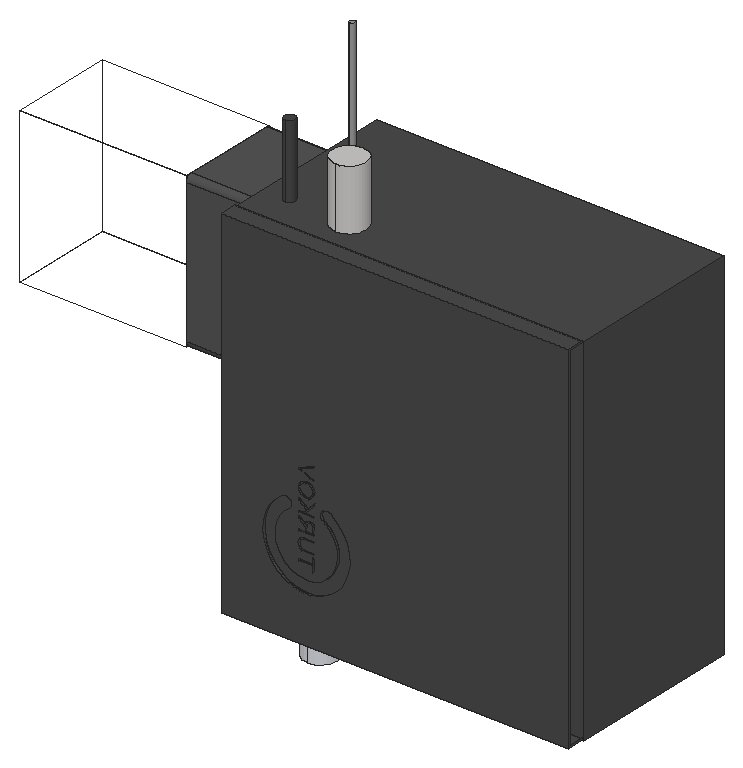
Revit family "HumiPump 3", category Оборудование, Revit 2019
Family settings
  Размер круглого соединителя = Использовать диаметр
  Классификация = Нет
  Тип детали = Нормальный
  На основе рабочей плоскости = Нет
  Всегда вертикально = Да
  При загрузке вырезать с полостями = Нет
  Общий = Нет
  Точка расчета площади = Нет
Parameters (values of type "Humi Pump 3")
  Ширина_КА = 185 mm
  УГО = 1 mm
  Толщина_листа = 33.265 mm
  Толщина_КА = 124 mm
  Серв. з. КА [instance] = yes
  СЗ корпуса = 300 mm
  СЗ КА = 200 mm
  С_высота = 416 mm
  Правый [instance] = no
  Подвод из аппартн = 12.7 mm
  Длина патрубка подвода чв в апп = 150 mm
  Длина патр аппаратн в увлажн = 65 mm
  Левый [instance] = no
  Чистая в аппарт = 6.35 mm
  Дренаж = 40 mm
  Длина дренажн патр = 50 mm
  Высота_КА = 100 mm
  В_ширина = 429 mm
  s4 = 65 mm
  s3 = 30.4 mm
  s2 = 56.2 mm
  s1 = 103 mm
  DN = 200 mm
  A_толщина = 230 mm
  ADSK_Ток = 0 A
  ADSK_Расход жидкости = 0.0 L/s
  ADSK_Расход воздуха = 0.0 L/s
  ADSK_Примечание [instance] = ""
  ADSK_Полная мощность = 0 VA
  ADSK_Позиция [instance] = ""
  ADSK_Обозначение [instance] = ""
  ADSK_Напряжение = 0 V
  ADSK_Наименование = "Адиабатический увлажнитель. Аппаратный модуль Humi Pump 3"
  ADSK_Масса = 0
  ADSK_Марка = "Humi Pump 3"
  ADSK_Количество фаз = 1
  ADSK_Количество = 1  # constant formula
  ADSK_Код изделия = ""
  ADSK_Завод-изготовитель = "ООО \"Турков\""
  ADSK_Единица измерения = ""
Reference planes
  plane 1 "По центру (Вперед/Назад)": y = 0
  plane 2: z = 0
  plane 3 "По центру (Влево/Вправо)": x = 0
  plane 4: y = 115
  plane 5: y = -115
  plane 6: x = 208
  plane 7: x = -208
  plane 8: z = 429
  plane 9: y = 79
  plane 10: y = -45
  plane 11: x = 0
  plane 12: z = 529
  plane 13: y = -95
  plane 14: x = -308
  plane 15: z = -50
  plane 16: x = -508
Forms (mm)
  Extrusion 1, solid, material "Полипропилен", detail levels fine
    sketch origin (-81.235, -1281.269, -434.948) x (0, 0, -1) y (0, -1, 0)
      loop
        arc (-660.948, -1360.269) -> (-655.998, -1358.219) -> (-653.948, -1353.269) r 7
        line (-653.948, -1353.269) -> (-653.948, -1243.269)
        arc (-653.948, -1243.269) -> (-655.998, -1238.319) -> (-660.948, -1236.269) r 7
        line (-660.948, -1236.269) -> (-831.948, -1236.269)
        arc (-831.948, -1236.269) -> (-836.898, -1238.319) -> (-838.948, -1243.269) r 7
        line (-838.948, -1243.269) -> (-838.948, -1356.269)
        arc (-838.948, -1356.269) -> (-837.776, -1359.098) -> (-834.948, -1360.269) r 4
        line (-834.948, -1360.269) -> (-660.948, -1360.269)
    from 126.765 to 226.765
  Sweep 2, solid, material "Сталь, окрашенная, темно-серая, матовая", detail levels medium+fine
    path origin (-210, -1524, -434.948) x (0, 0, -1) y (0, -1, 0)
      loop
        line (-863.948, -1429) -> (-863.948, -1409) -> (-434.948, -1409) -> (-434.948, -1429)
    profile origin (-210, -105, 429) x (0, 0, 1) y (-1, 0, 0)
      loop
        line (-2, 0) -> (-2, -416) -> (0, -416) -> (0, 0) -> (-2, 0)
  Extrusion 3, solid, material "Медь", detail levels medium+fine
    sketch origin (-928.611, 1191.776, 451.265) x (0, 1, 0) y (-1, 0, 0)
      loop
        circle (-1245.426, -750.961) r 6.35
    from -22.265 to 65 <- "Длина патр аппаратн в увлажн"
  Extrusion 4, solid, material "ПВХ, гибкий", detail levels medium+fine
    sketch origin (-861.235, 1191.776, 451.265) x (0, 1, 0) y (-1, 0, 0)
      loop
        circle (-1183.601, -709.41) r 3.175
    from -22.265 to 150 <- "Длина патрубка подвода чв в апп"
  Extrusion 5, solid, material "Нержавеющая сталь", detail levels medium+fine
    sketch origin (-861.235, 1191.776, 451.265) x (0, 1, 0) y (-1, 0, 0)
      loop
        circle (-1246.776, -756.235) r 20
    from -22.265 to 50 <- "Длина дренажн патр"
  Extrusion 6, solid, detail levels medium+fine
    sketch origin (-960, 969.804, 16.265) x (0, 1, 0) y (-1, 0, 0)
      loop
        circle (-1019.804, -817) r 20
    from -16.265 to -66.265
  Extrusion 7, void, detail levels fine
    sketch origin (-1056.832, -115, -731.713) x (0, 0, 1) y (-1, 0, 0)
      loop
        line (851.833, -938.832) -> (851.833, -958.832) -> (855.564, -958.832) -> (855.564, -956.313) -> (854.257, -956.313) -> (854.257, -950.281) -> (855.564, -950.281) -> (855.564, -947.625) -> (854.257, -947.625) -> (854.257, -938.832) -> (851.833, -938.832)
      loop
        line (871.713, -938.832) -> (871.713, -958.832) -> (874.288, -958.832) -> (874.288, -949.294) -> (884.516, -958.832) -> (887.757, -958.832) -> (879.55, -950.625) -> (888.437, -938.832) -> (885.637, -938.832) -> (877.657, -949.046) -> (874.288, -945.677) -> (874.288, -938.832) -> (871.713, -938.832)
      loop
        line (819.837, -938.832) -> (819.837, -956.313) -> (813.276, -956.313) -> (813.276, -958.832) -> (828.72, -958.832) -> (828.72, -956.313) -> (822.392, -956.313) -> (822.392, -938.832) -> (819.837, -938.832)
      loop
        line (831.749, -958.832) -> (834.206, -958.832) -> (834.206, -946.442)
        arc (834.206, -946.442) -> (839.534, -941.114) -> (844.862, -946.442) r 5.328
        line (844.862, -946.442) -> (844.862, -958.832) -> (847.318, -958.832) -> (847.318, -946.347)
        arc (847.318, -946.347) -> (839.534, -938.562) -> (831.749, -946.347) r 7.785
        line (831.749, -946.347) -> (831.749, -958.832)
      loop
        line (856.713, -958.832) -> (861.328, -958.832)
        arc (861.328, -958.832) -> (867.01, -954.028) -> (863.22, -947.625) r 5.763
        line (863.22, -947.625) -> (868.764, -938.832) -> (865.99, -938.832) -> (859.601, -947.625) -> (856.713, -947.625) -> (856.713, -950.281) -> (861.328, -950.281)
        arc (861.328, -950.281) -> (864.344, -953.297) -> (861.328, -956.313) r 3.016
        line (861.328, -956.313) -> (856.713, -956.313) -> (856.713, -958.832)
      loop
        arc (898.201, -956.313) -> (892.223, -948.735) -> (898.353, -941.28) r 7.694
        line (898.353, -941.28) -> (898.353, -938.832)
        arc (898.353, -938.832) -> (889.671, -948.755) -> (898.201, -958.809) r 10.1
        line (898.201, -958.809) -> (898.201, -956.313)
      loop
        line (900.025, -956.313) -> (900.025, -958.809)
        arc (900.025, -958.809) -> (908.556, -948.755) -> (899.874, -938.832) r 10.1
        line (899.874, -938.832) -> (899.874, -941.28)
        arc (899.874, -941.28) -> (906.003, -948.735) -> (900.025, -956.313) r 7.694
      loop
        line (910.025, -958.832) -> (912.667, -958.832) -> (919.067, -941.25) -> (925.466, -958.832) -> (928.217, -958.832) -> (920.694, -938.832) -> (918.106, -938.832) -> (910.025, -958.832)
      loop
        arc (871.594, -969.074) -> (802.594, -948.466) -> (871.878, -928.832) r 37.5
        arc (871.878, -928.832) -> (881.982, -929.206) -> (883.369, -919.19) r 7.538
        arc (883.369, -919.19) -> (787.468, -948.73) -> (883.369, -978.27) r 52.5
        arc (883.369, -978.27) -> (882.511, -967.232) -> (871.594, -969.074) r 7.5
    from 0 to -2
  Extrusion 8, solid, material "Сталь, окрашенная, темно-серая, матовая", detail levels medium+fine
    sketch origin (-637.448, -1524, 429) x (-1, 0, 0) y (0, -1, 0)
      loop
        line (-429.448, -1639) -> (-429.448, -1429) -> (-845.448, -1429) -> (-845.448, -1639) -> (-429.448, -1639)
    from 0 to -429
  Extrusion 9, solid, material "Полипропилен", detail levels medium
    sketch origin (-208, 969.804, 1200) x (0, 1, 0) y (0, 0, 1)
      loop
        line (-890.804, -796) -> (-1014.804, -796) -> (-1014.804, -981) -> (-890.804, -981) -> (-890.804, -796)
    from 0 to -100
  Extrusion 10, solid, detail levels coarse
    sketch origin (0, 0, 0) x (1, 0, 0) y (0, 0, 1)
      loop
        line (-90, 444) -> (-120, 444) -> (-105, 429) -> (-90, 444)
    from 0 to 1 <- "УГО"
  Extrusion 11, solid, detail levels coarse
    sketch origin (-35, 0, 0) x (1, 0, 0) y (0, 0, 1)
      loop
        line (-101.8, 444) -> (-131.8, 444) -> (-116.8, 429) -> (-101.8, 444)
    from 0 to 1 <- "УГО"
  Extrusion 12, solid, detail levels coarse
    sketch origin (-307.6, 0, 885) x (-1, 0, 0) y (0, 0, -1)
      loop
        line (-115, 456) -> (-145, 456) -> (-130, 441) -> (-115, 456)
    from 0 to 1 <- "УГО"
  Extrusion 13, solid, detail levels coarse
    sketch origin (-18.772, 0, -464.717) x (1, 0, 0) y (0, 0, 1)
      loop
        line (-109.228, 464.717) -> (-139.228, 464.717) -> (-124.228, 449.717) -> (-109.228, 464.717)
    from 0 to 1 <- "УГО"
  Extrusion 14, solid, detail levels coarse
    sketch origin (0, 0, 0) x (1, 0, 0) y (0, 0, 1)
      loop
        line (-63.519, 121.065) -> (-18.519, 95.085) -> (-18.519, 147.046) -> (-63.519, 121.065)
    from 0 to 1 <- "УГО"
  Extrusion 15, solid, visible <- "Левый", detail levels fine
    sketch origin (-1051.723, 115, 1200) x (-1, 0, 0) y (0, 0, 1)
      loop
        line (-1259.723, -771) -> (-1259.723, -1200) -> (-843.723, -1200) -> (-843.723, -771) -> (-1259.723, -771)
    from 0 to 300 <- "СЗ корпуса"
  Extrusion 16, solid, visible <- "Серв. з. КА", detail levels fine
    sketch origin (-308, -1524, 532.534) x (0, 0, 1) y (0, -1, 0)
      loop
        line (-128.534, -1479) -> (-313.534, -1479) -> (-313.534, -1603) -> (-128.534, -1603) -> (-128.534, -1479)
    from 0 to -200
Cuts and joins
  Extrusion 7 cuts Sweep 2
Lines and regions (mm)
  model lines, style "УГО", detail levels coarse
    curve 1: line (192.541, 0, 398.538) -> (-128.459, 0, 398.538)
    curve 2: line (192.541, 0, 39.538) -> (192.541, 0, 398.538)
    curve 3: line (46.078, 0, 39.538) -> (192.541, 0, 39.538)
    curve 4: line (-128.459, 0, 398.538) -> (-128.459, 0, 185.016)
    curve 5: line (46.078, 0, 185.016) -> (-128.459, 0, 185.016)
    curve 6: line (46.078, 0, 39.538) -> (46.078, 0, 185.016)
    curve 7: line (-105, 0, 429) -> (-105, 0, 398.538)
    curve 8: line (-151.825, 0, 429) -> (-151.825, 0, 165)
    curve 9: line (-151.825, 0, 165) -> (46.078, 0, 165)
    curve 10: circle (-33.519, 0, 121.065) r 30 normal (0, -1, 0)
    curve 11: line (-63.519, 0, 121.065) -> (-18.519, 0, 95.085)
    curve 12: line (-18.519, 0, 95.085) -> (-18.519, 0, 147.046)
    curve 13: line (-18.519, 0, 147.046) -> (-63.519, 0, 121.065)
    curve 14: line (-3.519, 0, 121.065) -> (46.078, 0, 121.065)
    curve 15: line (-63.519, 0, 121.065) -> (-177.65, 0, 121.065)
    curve 16: line (-177.65, 0, 429) -> (-177.65, 0, 121.065)
    curve 17: line (-143, 0, 0) -> (-143, 0, 50)
    curve 18: line (-143, 0, 50) -> (46.078, 0, 50)
    curve 19: line (208, 0, 429) -> (-208, 0, 429)
    curve 20: line (208, 0, 0) -> (208, 0, 429)
    curve 21: line (-208, 0, 0) -> (208, 0, 0)
    curve 22: line (-208, 0, 429) -> (-208, 0, 0)
    curve 23: line (-105, 0, 444) -> (-105, 0, 535.265)
    curve 24: line (-151.8, 0, 444) -> (-151.8, 0, 640.265)
    curve 25: line (-177.6, 0, 444) -> (-177.6, 0, 585.265)
    curve 26: line (-208, 0, 404) -> (-308, 0, 404)
    curve 27: line (-208, 0, 219) -> (-208, 0, 404)
    curve 28: line (-308, 0, 219) -> (-208, 0, 219)
    curve 29: line (-308, 0, 404) -> (-308, 0, 219)
    curve 30: line (-143, 0, -15) -> (-143, 0, -50)
Dimensions and locks
  equal spacing: plane 7, plane 3 "По центру (Влево/Вправо)", plane 6
  "С_высота": plane 7 to plane 6
  equal spacing: plane 4, plane 1 "По центру (Вперед/Назад)", plane 5
  "A_толщина": plane 4 to plane 5
  "В_ширина": plane 8 to plane 2
  "Толщина_КА": plane 9 to plane 10
  plane 4 to plane 9 = 36 mm
  "Высота_КА": plane 12 to plane 8
  locked: plane 13 to plane 5 at 20
  plane 5 to Extrusion 5 sketch curve = 40 mm
  plane 5 to Extrusion 4 sketch curve = 120 mm
  locked: plane 5 to Extrusion 3 sketch curve at 55
  Extrusion 6 sketch curve to plane 5 = 45 mm
  "Высота_КА": plane 7 to plane 14
  plane 4 to Extrusion 1 = 36 mm
  plane 8 to Extrusion 1 = 25 mm
  locked: plane 7 to Extrusion 6 at 45
  locked: Extrusion 6 to plane 5 at 45
  locked: plane 7 to Extrusion 3 sketch curve at 24
  plane 7 to Extrusion 4 sketch curve = 53 mm
  plane 7 to Extrusion 5 sketch curve = 83 mm
  plane 8 to Extrusion 9 sketch curve = 25 mm
  "Ширина_КА": Extrusion 1 to Extrusion 9 sketch curve
  "Длина дренажн патр": plane 15 to plane 2
  locked: Extrusion 10 sketch curve to Extrusion 10 sketch curve at 30
  "s1": Extrusion 10 sketch curve to plane 7
  locked: Extrusion 11 sketch curve to Extrusion 11 sketch curve at 30
  "s2": Extrusion 11 sketch curve to plane 7
  locked: Extrusion 12 sketch curve to Extrusion 12 sketch curve at 30
  "s3": Extrusion 12 sketch curve to plane 7
  locked: Extrusion 13 sketch curve to Extrusion 13 sketch curve at 30
  "s4": Extrusion 13 sketch curve to plane 7
  "СЗ КА": plane 14 to plane 16
  "Подвод из аппартн": diameter of Extrusion 3 sketch curve
  "Чистая в аппарт": diameter of Extrusion 4 sketch curve
  "Дренаж": diameter of Extrusion 5 sketch curve
  "Дренаж": diameter of Extrusion 6 sketch curve
  locked: Extrusion 10 sketch curve to Extrusion 10 sketch curve (angle 45.00°)  (x2)
  locked: Extrusion 11 sketch curve to Extrusion 11 sketch curve (angle 45.00°)  (x2)
  locked: Extrusion 12 sketch curve to Extrusion 12 sketch curve (angle 45.00°)  (x2)
  locked: Extrusion 13 sketch curve to Extrusion 13 sketch curve (angle 45.00°)  (x2)
  aligned and locked: level to plane 2
  aligned and locked: plane 13 to Sweep 2 sketch curve  (x2)
  aligned and locked: plane 5 to Sweep 2 sketch curve
  aligned and locked: cut or joined group of Sweep 2, Extrusion 7 to plane 2
  aligned and locked: plane 8 to cut or joined group of Sweep 2, Extrusion 7
  aligned and locked: Extrusion 4 to plane 8
  aligned and locked: Extrusion 3 to plane 8
  aligned and locked: Extrusion 5 to plane 8
  aligned and locked: plane 7 to Extrusion 8 sketch curve
  aligned and locked: Extrusion 8 sketch curve to plane 4
  aligned and locked: Extrusion 8 sketch curve to plane 6
  aligned and locked: plane 13 to Extrusion 8 sketch curve
  aligned and locked: Extrusion 8 to level
  aligned and locked: Extrusion 1 to plane 7
  aligned and locked: Extrusion 1 to plane 14
  aligned and locked: plane 2 to Extrusion 6
  aligned and locked: Extrusion 9 sketch curve to plane 9
  aligned and locked: plane 10 to Extrusion 9 sketch curve
  aligned and locked: Extrusion 9 to plane 14
  aligned and locked: Extrusion 6 to plane 15
  aligned and locked: plane 8 to Extrusion 10 sketch curve
  aligned and locked: plane 8 to Extrusion 11 sketch curve
  aligned and locked: Extrusion 12 to plane 8
  aligned and locked: Extrusion 13 sketch curve to plane 2
  aligned and locked: plane 8 to curve 8
  aligned and locked: plane 2 to Extrusion 13
  aligned and locked: plane 2 to curve 17
  aligned and locked: curve 20 to plane 6
  aligned and locked: curve 19 to plane 8
  aligned and locked: plane 7 to curve 22
  aligned and locked: level to curve 21
  aligned and locked: curve 27 to plane 7
  aligned and locked: plane 14 to curve 29
  aligned and locked: curve 26 to Extrusion 9
  aligned and locked: curve 28 to Extrusion 9
  aligned and locked: Extrusion 6 to curve 30
  aligned and locked: Extrusion 15 sketch curve to plane 6
  aligned and locked: Extrusion 15 sketch curve to plane 8
  aligned and locked: plane 7 to Extrusion 15 sketch curve
  aligned and locked: plane 2 to Extrusion 15 sketch curve
  aligned and locked: plane 10 to Extrusion 16 sketch curve
  aligned and locked: Extrusion 16 sketch curve to Extrusion 9  (x2)
  aligned and locked: Extrusion 16 sketch curve to plane 9
  aligned and locked: plane 16 to Extrusion 16
  aligned and locked: plane 14 to Extrusion 16
  aligned and locked: Extrusion 15 to plane 4
Automatic sketch dimensions
  Sweep 2 sketch curve to plane 12 = 100 mm
  Sweep 2 sketch curve to level = 0 mm
  Sweep 2 sketch curve to profile plane = 0 mm
  profile plane to Sweep 2 sketch curve = 0 mm
  Sweep 2 sketch curve to profile plane = 416 mm
  Sweep 2 sketch curve to Sweep 2 sketch curve = 2 mm
  level to Extrusion 7 sketch curve = 81.563 mm
  Extrusion 7 sketch curve to Extrusion 7 sketch curve = 6.561 mm
  Extrusion 7 sketch curve to Extrusion 7 sketch curve = 2.555 mm
  Extrusion 7 sketch curve to Extrusion 7 sketch curve = 6.329 mm
  Extrusion 7 sketch curve to Extrusion 7 sketch curve = 3.029 mm
  Extrusion 7 sketch curve to Extrusion 7 sketch curve = 2.457 mm
  Extrusion 7 sketch curve to Extrusion 7 sketch curve = 5.328 mm
  Extrusion 7 sketch curve to Extrusion 7 sketch curve = 0 mm  (x19)
  Extrusion 7 sketch curve to Extrusion 7 sketch curve = 0.434 mm
  Extrusion 7 sketch curve to Extrusion 7 sketch curve = 0.125 mm
  Extrusion 7 sketch curve to Extrusion 7 sketch curve = 4.515 mm
  Extrusion 7 sketch curve to Extrusion 7 sketch curve = 6.938 mm
  Extrusion 7 sketch curve to Extrusion 7 sketch curve = 1.307 mm  (x2)
  Extrusion 7 sketch curve to Extrusion 7 sketch curve = 1.149 mm  (x2)
  Extrusion 7 sketch curve to Extrusion 7 sketch curve = 2.888 mm
  Extrusion 7 sketch curve to Extrusion 7 sketch curve = 4.614 mm
  Extrusion 7 sketch curve to Extrusion 7 sketch curve = 1.892 mm
  Extrusion 7 sketch curve to Extrusion 7 sketch curve = 2.77 mm
  Extrusion 7 sketch curve to Extrusion 7 sketch curve = 2.774 mm
  Extrusion 7 sketch curve to Extrusion 7 sketch curve = 2.95 mm
  Extrusion 7 sketch curve to Extrusion 7 sketch curve = 2.575 mm  (x2)
  Extrusion 7 sketch curve to Extrusion 7 sketch curve = 2.849 mm
  Extrusion 7 sketch curve to Extrusion 7 sketch curve = 3.369 mm  (x2)
  Extrusion 7 sketch curve to Extrusion 7 sketch curve = 3.607 mm
  Extrusion 7 sketch curve to Extrusion 7 sketch curve = 1.893 mm
  Extrusion 7 sketch curve to Extrusion 7 sketch curve = 4.966 mm
  Extrusion 7 sketch curve to Extrusion 7 sketch curve = 11.35 mm
  Extrusion 7 sketch curve to Extrusion 7 sketch curve = 3.241 mm
  Extrusion 7 sketch curve to Extrusion 7 sketch curve = 2.8 mm
  Extrusion 7 sketch curve to Extrusion 7 sketch curve = 10.444 mm
  Extrusion 7 sketch curve to Extrusion 7 sketch curve = 0.109 mm
  Extrusion 7 sketch curve to Extrusion 7 sketch curve = 0.043 mm
  Extrusion 7 sketch curve to Extrusion 7 sketch curve = 0.146 mm  (x2)
  Extrusion 7 sketch curve to Extrusion 7 sketch curve = 1.314 mm
  Extrusion 7 sketch curve to Extrusion 7 sketch curve = 1.521 mm
  Extrusion 7 sketch curve to Extrusion 7 sketch curve = 1.824 mm
  Extrusion 7 sketch curve to Extrusion 7 sketch curve = 10 mm
  Extrusion 7 sketch curve to Extrusion 7 sketch curve = 2.642 mm
  plane 7 to Extrusion 7 sketch curve = 90 mm
  Extrusion 7 sketch curve to Extrusion 7 sketch curve = 18.232 mm
  plane 7 to Extrusion 7 sketch curve = 92.418 mm
  Extrusion 7 sketch curve to Extrusion 7 sketch curve = 0.961 mm
  Extrusion 7 sketch curve to Extrusion 7 sketch curve = 2.588 mm
  Extrusion 7 sketch curve to Extrusion 7 sketch curve = 12.799 mm
  Extrusion 7 sketch curve to Extrusion 7 sketch curve = 2.75 mm
  Extrusion 7 sketch curve to Extrusion 7 sketch curve = 2.448 mm
  Extrusion 7 sketch curve to Extrusion 7 sketch curve = 4.398 mm
  Extrusion 7 sketch curve to Extrusion 7 sketch curve = 0.67 mm
  Extrusion 7 sketch curve to Extrusion 7 sketch curve = 0.095 mm
  Extrusion 7 sketch curve to Extrusion 7 sketch curve = 1.278 mm
  Extrusion 7 sketch curve to Extrusion 7 sketch curve = 2.288 mm
  Extrusion 7 sketch curve to Extrusion 7 sketch curve = 7.533 mm
  Extrusion 7 sketch curve to Extrusion 7 sketch curve = 0.019 mm  (x2)
  Extrusion 7 sketch curve to Extrusion 7 sketch curve = 0.248 mm
  Extrusion 7 sketch curve to Extrusion 7 sketch curve = 2.656 mm
  Extrusion 7 sketch curve to Extrusion 7 sketch curve = 1.579 mm
  Extrusion 7 sketch curve to Extrusion 7 sketch curve = 2.788 mm
  Extrusion 7 sketch curve to Extrusion 7 sketch curve = 0.228 mm
  Extrusion 7 sketch curve to Extrusion 7 sketch curve = 9.966 mm
  Extrusion 7 sketch curve to Extrusion 7 sketch curve = 2.497 mm
  Extrusion 7 sketch curve to Extrusion 7 sketch curve = 9.538 mm
  Extrusion 7 sketch curve to Extrusion 7 sketch curve = 0.023 mm
  Extrusion 7 sketch curve to Extrusion 7 sketch curve = 2.519 mm  (x2)
  Extrusion 7 sketch curve to Extrusion 7 sketch curve = 8.207 mm
  Extrusion 7 sketch curve to Extrusion 7 sketch curve = 14.311 mm
  Extrusion 7 sketch curve to Extrusion 7 sketch curve = 6.845 mm
  Extrusion 7 sketch curve to Extrusion 7 sketch curve = 8.793 mm
  Extrusion 7 sketch curve to Extrusion 7 sketch curve = 7.515 mm
  Extrusion 7 sketch curve to Extrusion 7 sketch curve = 6.3 mm
  Extrusion 7 sketch curve to Extrusion 7 sketch curve = 5.259 mm
  Extrusion 7 sketch curve to Extrusion 7 sketch curve = 5.474 mm
  Extrusion 1 sketch curve to plane 9 = 0 mm
  Extrusion 1 sketch curve to plane 10 = 0 mm
  plane 10 to Extrusion 1 sketch curve = 7 mm  (x2)
  Extrusion 1 sketch curve to plane 8 = 25 mm
  Extrusion 1 sketch curve to Extrusion 1 sketch curve = 4 mm
  Extrusion 1 sketch curve to Extrusion 1 sketch curve = 174 mm
  Extrusion 1 sketch curve to Extrusion 1 sketch curve = 0 mm
  Extrusion 14 sketch curve to plane 3 "По центру (Влево/Вправо)" = 63.519 mm
  level to Extrusion 14 sketch curve = 121.065 mm
  Extrusion 14 sketch curve to plane 3 "По центру (Влево/Вправо)" = 18.519 mm
  Extrusion 14 sketch curve to Extrusion 14 sketch curve = 25.981 mm
  Extrusion 14 sketch curve to Extrusion 14 sketch curve = 51.962 mm
  plane 7 to curve 15 = 30.35 mm
  curve 15 to curve 9 = 25.825 mm
  plane 7 to curve 18 = 65 mm
  curve 8 to curve 1 = 23.366 mm
  curve 13 to plane 3 "По центру (Влево/Вправо)" = 63.519 mm
  curve 11 to curve 10 = 30 mm
  curve 11 to plane 3 "По центру (Влево/Вправо)" = 18.519 mm
  plane 3 "По центру (Влево/Вправо)" to curve 6 = 46.078 mm
  curve 2 to plane 6 = 15.459 mm
  level to curve 2 = 39.538 mm
  curve 17 to curve 17 = 50 mm
  curve 18 to curve 12 = 45.085 mm
  curve 11 to curve 10 = 0 mm
  curve 17 to curve 15 = 71.065 mm
  curve 15 to curve 9 = 43.935 mm
  curve 9 to curve 5 = 20.016 mm
  curve 2 to plane 8 = 30.462 mm
  plane 7 to curve 25 = 30.4 mm
  plane 7 to curve 24 = 56.2 mm
  curve 17 to curve 30 = 0 mm
  plane 8 to curve 23 = 15 mm
  curve 24 to curve 23 = 46.8 mm
  curve 1 to curve 7 = 23.459 mm
  curve 30 to level = 15 mm
  curve 14 to curve 9 = 43.935 mm
  plane 8 to curve 25 = 15 mm
  plane 8 to curve 24 = 15 mm
  plane 12 to curve 23 = 6.265 mm
  plane 12 to curve 25 = 56.265 mm
  curve 25 to curve 24 = 55 mm
  plane 7 to Extrusion 6 sketch curve = 65 mm
  Extrusion 12 sketch curve to plane 8 = 0 mm
Connectors
  piping at (-151.825, 8.175, 601.265), diameter 6.35, driven by "Чистая в аппарт"
    settings: on Extrusion 4, index 1, connector inside diameter 609.6 mm, connector length 0 mm, flow factor 0, pipe flow 0.0 L/s, pressure drop 0.0 Pa, fitting loss kfactor 0, connector angle 0.00°, fixture units 0, engagement length 0 mm, angle of deflection 0.00°, flow configuration 0, flow direction 1, fitting loss method 0, system type 29, joint type 0, gender type 0, connector reference index -1, connector utility 0, adjustable connector no, is connector primary yes, connector description ""
  piping at (-177.65, -53.65, 516.265), diameter 12.7, driven by "Подвод из аппартн"
    settings: on Extrusion 3, index 2, connector inside diameter 609.6 mm, connector length 0 mm, flow factor 0, pipe flow 0.0 L/s, pressure drop 0.0 Pa, fitting loss kfactor 0, connector angle 0.00°, fixture units 0, engagement length 0 mm, angle of deflection 0.00°, flow configuration 0, flow direction 2, fitting loss method 0, system type 29, joint type 0, gender type 0, connector reference index -1, connector utility 0, adjustable connector no, is connector primary no, connector description ""
  piping at (-105, -55, 501.265), diameter 40, driven by "Дренаж"
    settings: on Extrusion 5, index 3, connector inside diameter 609.6 mm, connector length 0 mm, flow factor 0, pipe flow 0.0 L/s, pressure drop 0.0 Pa, fitting loss kfactor 0, connector angle 0.00°, fixture units 0, engagement length 0 mm, angle of deflection 0.00°, flow configuration 0, flow direction 1, fitting loss method 0, system type 29, joint type 0, gender type 0, connector reference index -1, connector utility 0, adjustable connector no, is connector primary no, connector description ""
  piping at (-143, -50, -50), diameter 40, driven by "Дренаж"
    settings: on Extrusion 6, index 4, connector inside diameter 609.6 mm, connector length 0 mm, flow factor 0, pipe flow 0.0 L/s, pressure drop 0.0 Pa, fitting loss kfactor 0, connector angle 0.00°, fixture units 0, engagement length 0 mm, angle of deflection 0.00°, flow configuration 0, flow direction 2, fitting loss method 0, system type 29, joint type 0, gender type 0, connector reference index -1, connector utility 0, adjustable connector no, is connector primary no, connector description ""
  electrical at (-258, 17, 219)
    settings: on Extrusion 9, index 5, voltage 0 V, apparent load 0 VA, apparent load phase1 0 VA, apparent load phase2 0 VA, apparent load phase3 0 VA, power factor 1, load classification "Прочее", number of poles 1, system type 31, power factor state 1, is connector primary yes, connector utility no, sub classification motor no, connector description ""
